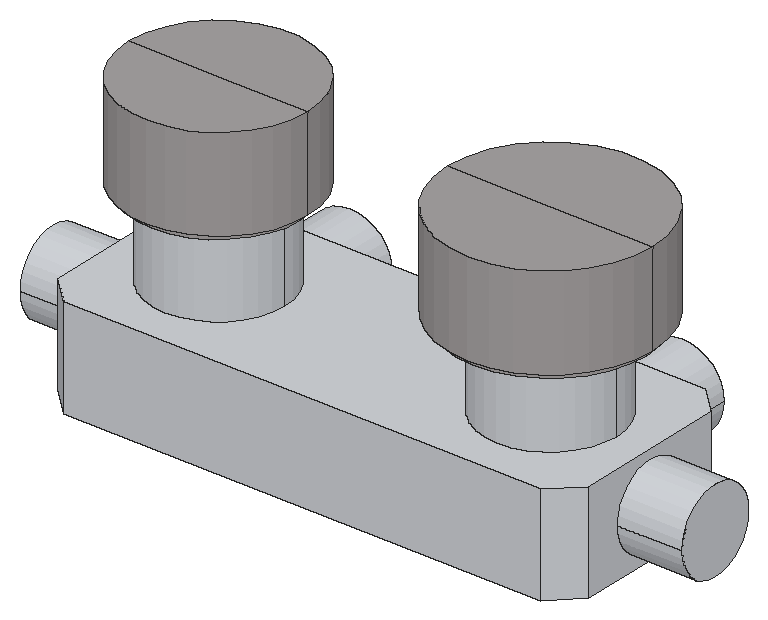
Revit family "Reece_Tap_Milli_Pure_Mixer & Diverter_Progressive_Wall Mount", category Plumbing Fixtures, host Face, Revit 2018
Family settings
  Host = Face
  Round Connector Dimension = Use Diameter
  Part Type = Normal
  Cut with Voids When Loaded = No
  Shared = Yes
  Room Calculation Point = Yes
Parameters (values of type "Brushed Gunmetal")
  WFU = 0  # constant formula
  URL = "https://www.reece.com.au/product/-2299479"
  Type Comments = "Tap"
  Reece_Tap_Inlet = 12 mm  # constant formula
  Reece_Product_Web Page = "https://www.reece.com.au/product/-2299479"
  Reece_Product_Type = "Tap"  # constant formula
  Reece_Product_Sub Brand = "Pure"  # constant formula
  Reece_Product_Number = "2299479"
  Reece_Product_Mount = "Wall Mounted"
  Reece_Product_Description = "Milli Pure Progressive Mixer Tap Diverter System Right Hand Brushed Gunmetal"
  Reece_Product_Brand = "Milli"  # constant formula
  Reece_Overall_Width = 62 mm  # constant formula
  Reece_Overall_Height = 30 mm  # constant formula
  Reece_Material-Main = Reece_Brass_Brushed Gunmetal
  Reece_Detail_Tap_Handle Texture = ""
  Reece_Detail_Installation = ""
  Reece_Detail_Disclaimer = "THIS FILE IS THE PROPERTY OF THE REECE GROUP. IT MAY NOT BE REPRODUCED, REVERSE-ENGINEERED OR MODIFIED. ANY REPUBLICATION, TRANSMISSION OR DISTRIBUTION FOR THE PURPOSE OF COMMERCIALLY EXPLOITING THE FILES IS PROHIBITED."  # constant formula
  Reece_Detail_Connector = ""
  Reece_Detail_Additional = ""
  Model = "Pure"
  Manufacturer = "Milli"
  Keynote = "Product #2299479, Reece_Tap_Milli_Pure_Mixer & Diverter_Progressive_Wall Mount - Brushed Gunmetal"
  HWFU = 0  # constant formula
  Disclaimer = "THIS FILE IS THE PROPERTY OF THE REECE GROUP. IT MAY NOT BE REPRODUCED, REVERSE-ENGINEERED OR MODIFIED. ANY REPUBLICATION, TRANSMISSION OR DISTRIBUTION FOR THE PURPOSE OF COMMERCIALLY EXPLOITING THE FILES IS PROHIBITED."  # constant formula
  Description = "Milli Pure Progressive Mixer Tap Diverter System Right Hand Brushed Gunmetal"
  Default Elevation = 1000 mm
  CWFU = 0  # constant formula
Types (7, lengths in mm): name | URL | Reece_Product_Web Page | Reece_Product_Number | Reece_Product_Description | Reece_Material-Main | Keynote | Description
  (no name) | "https://www.reece.com.au/product/-2299476" | "https://www.reece.com.au/product/-2299476" | "2299476" | "Milli Pure Progressive Mixer Tap Diverter System Right Hand Chrome" | Reece_Brass_Chrome | "Product #2299476, Reece_Tap_Milli_Pure_Mixer & Diverter_Progressive_Wall Mount -  " | "Milli Pure Progressive Mixer Tap Diverter System Right Hand Chrome"
  Brushed Gunmetal | "https://www.reece.com.au/product/-2299479" | "https://www.reece.com.au/product/-2299479" | "2299479" | "Milli Pure Progressive Mixer Tap Diverter System Right Hand Brushed Gunmetal" | Reece_Brass_Brushed Gunmetal | "Product #2299479, Reece_Tap_Milli_Pure_Mixer & Diverter_Progressive_Wall Mount - Brushed Gunmetal" | "Milli Pure Progressive Mixer Tap Diverter System Right Hand Brushed Gunmetal"
  Chrome | "https://www.reece.com.au/product/-2299476" | "https://www.reece.com.au/product/-2299476" | "2299476" | "Milli Pure Progressive Mixer Tap Diverter System Right Hand Chrome" | Reece_Brass_Chrome | "Product #2299476, Reece_Tap_Milli_Pure_Mixer & Diverter_Progressive_Wall Mount - Chrome" | "Milli Pure Progressive Mixer Tap Diverter System Right Hand Chrome"
  Matte Black | "https://www.reece.com.au/product/-2299477" | "https://www.reece.com.au/product/-2299477" | "2299477" | "Milli Pure Progressive Mixer Tap Diverter System Right Hand Matte Black" | Reece_Brass_Matte Black | "Product #2299477, Reece_Tap_Milli_Pure_Mixer & Diverter_Progressive_Wall Mount - Matte Black" | "Milli Pure Progressive Mixer Tap Diverter System Right Hand Matte Black"
  Brushed Nickel | "https://www.reece.com.au/product/-2299605" | "https://www.reece.com.au/product/-2299605" | "2299605" | "Milli Pure Progressive Mixer Tap Diverter System Right Hand Brushed Nickel" | Reece_Brass_Brushed Nickel | "Product #2299605, Reece_Tap_Milli_Pure_Mixer & Diverter_Progressive_Wall Mount - Brushed Nickel" | "Milli Pure Progressive Mixer Tap Diverter System Right Hand Brushed Nickel"
  PVD Brushed Bronze | "https://www.reece.com.au/product/-9511159" | "https://www.reece.com.au/product/-9511159" | "9511159" | "Milli Pure Progressive Mixer Tap Diverter System Right Hand PVD Brushed Bronze" | Reece_PVD_Brushed Bronze | "Product #9511159, Reece_Tap_Milli_Pure_Mixer & Diverter_Progressive_Wall Mount - PVD Brushed Bronze" | "Milli Pure Progressive Mixer Tap Diverter System Right Hand PVD Brushed Bronze"
  PVD Brushed Gold | "https://www.reece.com.au/product/-9510974" | "https://www.reece.com.au/product/-9510974" | "9510974" | "Milli Pure Progressive Mixer Tap Diverter System Right Hand PVD Brushed Gold" | Reece_PVD_Brushed Gold | "Product #9510974, Reece_Tap_Milli_Pure_Mixer & Diverter_Progressive_Wall Mount - PVD Brushed Gold" | "Milli Pure Progressive Mixer Tap Diverter System Right Hand PVD Brushed Gold"
Reference planes
  plane 1 "Center (Front/Back)": y = 0
  plane 2 "Bottom": z = 0
  plane 3 "Center (Left/Right)": x = 0
  plane 4 "Top": z = 30
  plane 5: y = -31
  plane 6: y = 31
Forms (mm)
  Revolve 1, solid, material "Reece_Brass_Brushed Gunmetal" <- "Reece_Material-Main"
    sketch origin (0, 0, 0) x (1, 0, 0) y (0, 0, 1)
      loop
        line (81, 30) -> (50, 30) -> (50, 0) -> (79, 0) -> (79, 2) -> (81, 2) -> (81, 30)
      axis (50, 0) -> (50, 30)
    angle from 0 to 360
  Extrusion 2, solid
    sketch origin (0, 0, 0) x (1, 0, 0) y (0, 1, 0)
      loop
        circle (50, 0) r 20
    from 0 to -25
  Extrusion 3, solid
    sketch origin (0, 0, 0) x (1, 0, 0) y (0, 1, 0)
      loop
        line (-71.853, 31) -> (-80, 22.853) -> (-80, -22.853) -> (-71.853, -31) -> (71.853, -31) -> (80, -22.853) -> (80, 22.853) -> (71.853, 31) -> (-71.853, 31)
    from -55 to -25
  Extrusion 4, solid
    sketch origin (33.5, 50, 0) x (0, -1, 0) y (0, 0, 1)
      loop
        circle (50, -40) r 12.5
    from -66.119 to -46.5
  Extrusion 5, void
    sketch origin (100, 0, 0) x (-1, 0, 0) y (0, -1, 0)
      loop
        circle (50, 0) r 25
    from 0 to -30
  Extrusion 6, solid
    sketch origin (66.5, 50, 0) x (0, -1, 0) y (0, 0, -1)
      loop
        circle (50, 40) r 12.5
    from -66.5 to -46.5
  Revolve 7, solid, material "Reece_Brass_Brushed Gunmetal" <- "Reece_Material-Main"
    sketch origin (0, 0, 0) x (-1, 0, 0) y (0, 0, 1)
      loop
        line (77, 30) -> (50, 30) -> (50, 0) -> (75, 0) -> (75, 2) -> (77, 2) -> (77, 30)
      axis (50, 0) -> (50, 30)
    angle from 0 to 360
  Extrusion 8, solid
    sketch origin (0, 0, 0) x (-1, 0, 0) y (0, -1, 0)
      loop
        circle (50, 0) r 20
    from 0 to -25
  Extrusion 9, solid
    sketch origin (-33.5, 50, 0) x (0, -1, 0) y (0, 0, -1)
      loop
        circle (50, 40) r 12.5
    from -66.119 to -46.5
  Extrusion 10, solid
    sketch origin (-66.5, 50, 0) x (0, -1, 0) y (0, 0, 1)
      loop
        circle (50, -40) r 12.5
    from -66.5 to -43.244
  Extrusion 11, solid
    sketch origin (0, -16.5, 0) x (1, 0, 0) y (0, 0, 1)
      loop
        circle (50, -40) r 12.5
    from -66.119 to -46.5
  Extrusion 12, solid
    sketch origin (0, -16.5, 0) x (-1, 0, 0) y (0, 0, -1)
      loop
        circle (50, 40) r 12.5
    from -66.119 to -43.316
  Extrusion 13, void
    sketch origin (-100, 0, 0) x (1, 0, 0) y (0, 1, 0)
      loop
        circle (50, 0) r 25
    from 0 to -30
  Extrusion 14, solid
    sketch origin (0, 0, 0) x (-1, 0, 0) y (0, -1, 0)
      loop
        circle (50, 0) r 20
    from 0 to -25
Cuts and joins
  Extrusion 13 cuts Revolve 7
  Extrusion 13 cuts Extrusion 2
  Extrusion 5, Extrusion 13 cuts Extrusion 4
  joined: Extrusion 2, Extrusion 3, Extrusion 4, Extrusion 6, Extrusion 8, Extrusion 9, Extrusion 10, Extrusion 11, Extrusion 12, Extrusion 14
Text (mm)
  text "Reece Copyright © 2018, Reece Ltd." at (-1146.244, -273.583, 0), in view "Ref. Level"
  text "Reece ©" at (44.384, 258.95, 192.345), in view "Reece Preview"
Dimensions and locks
  "Reece_Overall_Width": plane 6 to plane 5
  "Reece_Overall_Height": plane 4 "Top" to plane 2 "Bottom"  (x2)
  equal spacing: plane 6, plane 1 "Center (Front/Back)", plane 5
  aligned and locked: plane 2 "Bottom" to host face
  aligned and locked: level to host face
Automatic sketch dimensions
  host sketch curve to host sketch curve = 380.785 mm
  host sketch curve to host sketch curve = 317.421 mm
  Revolve 1 sketch curve to plane 4 "Top" = 0 mm  (x2)
  Revolve 1 sketch curve to level = 0 mm
  plane 3 "Center (Left/Right)" to Revolve 1 sketch curve = 50 mm
  Revolve 1 sketch curve to Revolve 1 sketch curve = 29 mm
  Revolve 1 sketch curve to Revolve 1 sketch curve = 2 mm
  level to Revolve 1 sketch curve = 2 mm
  Revolve 1 sketch curve to Revolve 1 sketch curve = 0 mm
  plane 4 "Top" to Revolve 1 sketch curve = 10 mm
  Extrusion 2 sketch curve to Extrusion 2 sketch curve = 0 mm  (x2)
  plane 1 "Center (Front/Back)" to Extrusion 2 sketch curve = 0 mm
  plane 3 "Center (Left/Right)" to Extrusion 2 sketch curve = 50 mm
  Extrusion 2 sketch curve to Extrusion 2 sketch curve = 20 mm
  Extrusion 3 sketch curve to plane 6 = 0 mm
  plane 5 to Extrusion 3 sketch curve = 0 mm
  Extrusion 3 sketch curve to plane 5 = 8.147 mm  (x2)
  Extrusion 3 sketch curve to plane 3 "Center (Left/Right)" = 80 mm
  Extrusion 3 sketch curve to Extrusion 3 sketch curve = 8.147 mm  (x3)
  plane 3 "Center (Left/Right)" to Extrusion 3 sketch curve = 71.853 mm
  Extrusion 3 sketch curve to Extrusion 3 sketch curve = 0 mm
  Extrusion 3 sketch curve to plane 6 = 8.147 mm  (x2)
  Extrusion 4 sketch curve to plane 1 "Center (Front/Back)" = 0 mm
  Extrusion 4 sketch curve to level = 40 mm
  Extrusion 5 sketch curve to Extrusion 5 sketch curve = 0 mm  (x2)
  plane 1 "Center (Front/Back)" to Extrusion 5 sketch curve = 0 mm
  Extrusion 5 sketch curve to plane 3 "Center (Left/Right)" = 50 mm
  Extrusion 5 sketch curve to Extrusion 5 sketch curve = 25 mm
  Extrusion 6 sketch curve to plane 1 "Center (Front/Back)" = 0 mm
  Extrusion 6 sketch curve to level = 40 mm
  Extrusion 8 sketch curve to Extrusion 8 sketch curve = 0 mm  (x2)
  plane 1 "Center (Front/Back)" to Extrusion 8 sketch curve = 0 mm
  plane 3 "Center (Left/Right)" to Extrusion 8 sketch curve = 50 mm
  Extrusion 8 sketch curve to Extrusion 8 sketch curve = 20 mm
  Extrusion 9 sketch curve to plane 1 "Center (Front/Back)" = 0 mm
  Extrusion 9 sketch curve to level = 40 mm
  Extrusion 10 sketch curve to plane 1 "Center (Front/Back)" = 0 mm
  Extrusion 10 sketch curve to level = 40 mm
  plane 3 "Center (Left/Right)" to Extrusion 11 sketch curve = 50 mm
  Extrusion 11 sketch curve to level = 40 mm
  Extrusion 12 sketch curve to plane 3 "Center (Left/Right)" = 50 mm
  Extrusion 12 sketch curve to level = 40 mm
  Revolve 7 sketch curve to plane 4 "Top" = 0 mm  (x2)
  Revolve 7 sketch curve to level = 0 mm
  plane 3 "Center (Left/Right)" to Revolve 7 sketch curve = 50 mm
  Revolve 7 sketch curve to Revolve 7 sketch curve = 25 mm
  Revolve 7 sketch curve to Revolve 7 sketch curve = 2 mm
  Revolve 7 sketch curve to level = 2 mm
  Revolve 7 sketch curve to Revolve 7 sketch curve = 0 mm
  Revolve 7 sketch curve to plane 4 "Top" = 10 mm
  Extrusion 13 sketch curve to Extrusion 13 sketch curve = 0 mm  (x2)
  plane 1 "Center (Front/Back)" to Extrusion 13 sketch curve = 0 mm
  Extrusion 13 sketch curve to plane 3 "Center (Left/Right)" = 50 mm
  Extrusion 13 sketch curve to Extrusion 13 sketch curve = 25 mm
  Extrusion 14 sketch curve to Extrusion 14 sketch curve = 0 mm  (x2)
  plane 1 "Center (Front/Back)" to Extrusion 14 sketch curve = 0 mm
  plane 3 "Center (Left/Right)" to Extrusion 14 sketch curve = 50 mm
  Extrusion 14 sketch curve to Extrusion 14 sketch curve = 20 mm
  radius of Extrusion 4 sketch curve = 12.5 mm
  radius of Extrusion 6 sketch curve = 12.5 mm
  radius of Extrusion 9 sketch curve = 12.5 mm
  radius of Extrusion 10 sketch curve = 12.5 mm
  radius of Extrusion 11 sketch curve = 12.5 mm
  radius of Extrusion 12 sketch curve = 12.5 mm
Connectors
  piping at (-99.619, 0, -40), diameter 12, driven by "Reece_Tap_Inlet"
    settings: on Extrusion 9, index 6, connector inside diameter 609.6 mm, connector length 0 mm, flow factor 0, pipe flow 0.0 L/s, pressure drop 0.0 Pa, fitting loss kfactor 0, connector angle 0.00°, fixture units 0, engagement length 0 mm, angle of deflection 0.00°, flow configuration 0, flow direction 2, fitting loss method 0, system type 29, joint type 0, gender type 0, connector reference index -1, connector utility 0, adjustable connector no, is connector primary yes, connector description ""
  piping at (-50, 49.619, -40), diameter 12, driven by "Reece_Tap_Inlet"
    settings: on Extrusion 12, index 7, connector inside diameter 609.6 mm, connector length 0 mm, flow factor 0, pipe flow 0.0 L/s, pressure drop 0.0 Pa, fitting loss kfactor 0, connector angle 0.00°, fixture units 0, engagement length 0 mm, angle of deflection 0.00°, flow configuration 0, flow direction 2, fitting loss method 0, system type 29, joint type 0, gender type 0, connector reference index -1, connector utility 0, adjustable connector no, is connector primary no, connector description ""
  piping at (50, 49.619, -40), diameter 12, driven by "Reece_Tap_Inlet"
    settings: on Extrusion 11, index 8, connector inside diameter 609.6 mm, connector length 0 mm, flow factor 0, pipe flow 0.0 L/s, pressure drop 0.0 Pa, fitting loss kfactor 0, connector angle 0.00°, fixture units 0, engagement length 0 mm, angle of deflection 0.00°, flow configuration 0, flow direction 1, fitting loss method 0, system type 29, joint type 0, gender type 0, connector reference index -1, connector utility 0, adjustable connector no, is connector primary no, connector description ""
  piping at (99.619, 0, -40), diameter 12, driven by "Reece_Tap_Inlet"
    settings: on cut or joined group of Extrusion 2, Extrusion 3, Extrusion 4, Extrusion 5, Extrusion 6, Extrusion 8, Extrusion 9, Extrusion 10, Extrusion 11, Extrusion 12, Extrusion 13, Extrusion 14, index 9, connector inside diameter 609.6 mm, connector length 0 mm, flow factor 0, pipe flow 0.0 L/s, pressure drop 0.0 Pa, fitting loss kfactor 0, connector angle 0.00°, fixture units 0, engagement length 0 mm, angle of deflection 0.00°, flow configuration 0, flow direction 1, fitting loss method 0, system type 29, joint type 0, gender type 0, connector reference index -1, connector utility 0, adjustable connector no, is connector primary no, connector description ""
